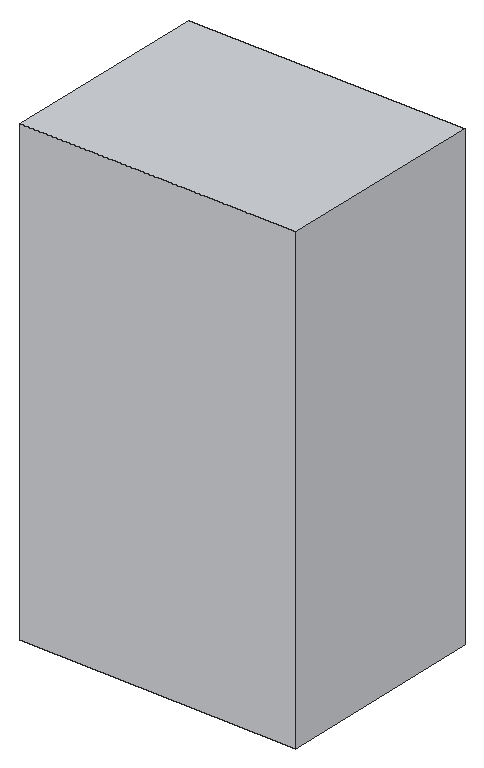
Revit family
Parameters
  Warranty Duration (Years) = 0
  Unit Width [instance] = 0' - 0"
  Unit Height [instance] = 0' - 0"
  Unit Depth = 0' - 0"
  URL = "http://www.americanspecialties.com/viewCategories.cfm"
  Trim Material = Metal - Stainless Steel
  Test Data = ""
  Specification = "http://www.arcat.com/sdspecs/htm/10810asi.htm"
  SpecWizard = ""
  Send Message = "http://www.arcat.com/users.pl?action=UserEmail&company=American%20Specialties,%20Inc.&coid=30448&rep=139&fax=914-476-0688&mf="
  Sales Information = "http://www.americanspecialties.com/contact"
  Revision = "R1_10-2010"
  Product Properties = "http://www.americanspecialties.com/datasheets/0852-SH.pdf"
  Product Data = "http://www.arcat.com/arcatcos/cos30/arc30448.html"
  Model = "As Specified in 10 28 13"
  Manufacturer Website = "http://www.americanspecialties.com/viewCategories.cfm"
  Manufacturer Phone - Toll Free = ""
  Manufacturer Phone = "914-476-9000 "
  Manufacturer Fax = "914-476-0688"
  Manufacturer Address = "441 Saw Mill River Rd., Yonkers, NY 10701"
  Manufacturer = "American Specialties, Inc."
  Maintenance Schedule (Months) = 0
  Keynote = "10 28 13"
  Installation-Fabrication = "http://www.americanspecialties.com/products.cfm"
  Green Building-LEED = ""
  Expected Lifespan (Years) = 0
  Drawn By = "Robert S. Weygant. CSI, CDT, SCIP"  # constant formula
  Description = "Toilet Accessory as Specified in 10 28 13"
  Default Elevation = 4' - 0"
  Copyright = "©Arcat Inc."
  Construction Details = "http://www.arcat.com/green/clients/leed_data_30448.html"
  Building Codes = "http://www.americanspecialties.com/products.cfm"
  Body Material = Metal - Stainless Steel
  Assembly Code = "C1030210"
Reference planes (in)
  plane 1 "Center (Front/Back)": y = -0.29112
  plane 2 "Floor Line": z = 0
  plane 3 "Center (Left/Right)": x = -0.65843
Forms (in)
  Extrusion 1, solid
    sketch origin (-3, -9, -6) x (0, 0, -1) y (1, 0, 0)
      loop
        line (-82, 26) -> (-82, -19.34712) -> (-6, -19.34712) -> (-6, 26) -> (-82, 26)
    from 9 to -25.60721
  Extrusion 2, solid, material "Metal - Stainless Steel" <- "Body Material"
    sketch origin (3.23143, -3.1821, 0) x (1, 0, 0) y (0, 1, 0)
      loop
        line (-7.63987, 7.33462) -> (-7.63987, -1.85901) -> (-0.13987, -1.85901) -> (-0.13987, 7.33462) -> (-7.63987, 7.33462)
      loop
        arc (-6.80746, 6.01423) -> (-6.63987, 5.57872) -> (-6.47227, 6.01423) r 0.25
        line (-6.47227, 6.01423) -> (-6.57446, 6.34848)
        arc (-6.57446, 6.34848) -> (-6.63987, 6.39688) -> (-6.70527, 6.34848) r 0.06839
        line (-6.70527, 6.34848) -> (-6.80746, 6.01423)
      loop
        line (-0.97227, 6.01423) -> (-1.07446, 6.34848)
        arc (-1.07446, 6.34848) -> (-1.13987, 6.39688) -> (-1.20527, 6.34848) r 0.06839
        line (-1.20527, 6.34848) -> (-1.30746, 6.01423)
        arc (-1.30746, 6.01423) -> (-1.13987, 5.57872) -> (-0.97227, 6.01423) r 0.25
    from 0 to 0.0625
  Extrusion 3, solid, material "Metal - Stainless Steel" <- "Body Material"
    sketch origin (0, -0.29112, 0) x (1, 0, 0) y (0, 0, 1)
      loop
        line (-4.40843, 0.0625) -> (-4.34593, 0.0625) -> (-4.34593, 3.875) -> (-4.40843, 3.875) -> (-4.40843, 0.0625)
    from -4.44363 to 4.75
  Extrusion 4, solid, material "Metal - Stainless Steel" <- "Body Material"
    sketch origin (-1.31687, -0.29112, 0) x (-1, 0, 0) y (0, 0, -1)
      loop
        line (-4.40843, -0.0625) -> (-4.40843, -3.875) -> (-4.34593, -3.875) -> (-4.34593, -0.0625) -> (-4.40843, -0.0625)
    from -4.44363 to 4.75
  Extrusion 5, solid, material "Metal - Stainless Steel" <- "Body Material"
    sketch origin (3.23143, -3.08835, 3.875) x (1, 0, 0) y (0, 1, 0)
      loop
        line (-7.63987, 7.24087) -> (-7.63987, -1.95276) -> (-0.13987, -1.95276) -> (-0.13987, 7.24087) -> (-7.63987, 7.24087)
    from 0 to 0.0625
  Extrusion 6, solid, material "Metal - Stainless Steel" <- "Body Material"
    sketch origin (-0.65843, -2.13278, -2.25) x (0, 1, 0) y (0, 0, 1)
      loop
        arc (6.6543, 2.25) -> (6.74473, 2.28871) -> (6.77916, 2.38085) r 0.125
        line (6.77916, 2.38085) -> (6.60338, 6.13085)
        arc (6.60338, 6.13085) -> (6.56481, 6.21543) -> (6.47852, 6.25) r 0.125
        line (6.47852, 6.25) -> (6.2853, 6.25) -> (6.2853, 2.25) -> (6.6543, 2.25)
    from -3.9375 to 3.9375
  Extrusion 7, solid, material "Metal - Stainless Steel" <- "Body Material"
    sketch origin (6.77907, 0, 0) x (0, 1, 0) y (0, 0, 1)
      loop
        line (-4.97862, 0.0625) -> (-3.60362, 0.0625) -> (-3.60362, 3.16675) -> (-3.34584, 3.875) -> (-3.41235, 3.875) -> (-3.66612, 3.17777) -> (-3.66612, 0.125) -> (-4.97862, 0.125) -> (-4.97862, 0.0625)
    from -3.6875 to 3.8125
  Extrusion 8, void
    sketch origin (-0.89635, 0, 0) x (1, 0, 0) y (0, 1, 0)
      loop
        circle (5.05041, -4.60362) r 0.125
      loop
        circle (10.42541, -4.60362) r 0.125
      loop
        circle (7.73791, -3.82237) r 0.125
    from 0.0625 to 0.125
  Extrusion 9, solid, material "Metal - Stainless Steel" <- "Body Material"
    sketch origin (-8.15843, -0.48848, 0) x (0, -1, 0) y (0, 0, -1)
      loop
        line (4.55263, -0.0625) -> (4.49013, -0.0625) -> (4.49013, -3.875) -> (4.55263, -3.875) -> (4.55263, -0.0625)
    from 3.8125 to 11.1875
Cuts and joins
  Extrusion 8 cuts Extrusion 7
Dimensions and locks (in)
  aligned and locked: Extrusion 1 to level
  aligned and locked: Extrusion 2 to Extrusion 3
  aligned and locked: Extrusion 3 to Extrusion 2
  aligned and locked: Extrusion 3 to Extrusion 5
  aligned and locked: Extrusion 3 to Extrusion 4
  aligned and locked: Extrusion 5 to Extrusion 3
  aligned and locked: Extrusion 8 to Extrusion 2
